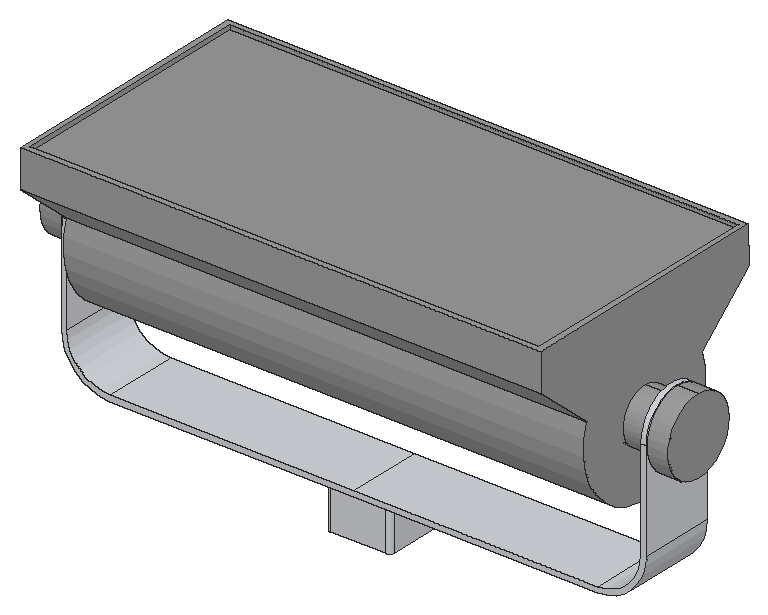
Revit family "Alcon-13126-6-Revit-Family", category Generic Models, host Face, Revit 2025
Family settings
  Host = Face
  Can host rebar = No
  Round Connector Dimension = Use Diameter
  Part Type = Normal
  Cut with Voids When Loaded = No
  Maintain Annotation Orientation = No
  Shared = No
  Room Calculation Point = No
Parameters
  URL = "https://www.alconlighting.com/?srsltid=AfmBOooDPhGQ0dEP-X2PMtxFfvvWpIAEL4jCll_O2F4_to5onvhnBomy"
  Product Page URL = "https://www.alconlighting.com/13126-6.html"
  Model = "13126-6"
  Manufacturer = "ALCON Lighter"
  Fixture Rotation = 90.00°
  Default Elevation = 4' - 0"
Reference planes (in)
  plane 1 "Center (Front/Back)": y = 0
  plane 2: z = 0
  plane 3 "Center (Left/Right)": x = 0
  plane 4: z = 2.21166
Forms (in)
  Extrusion 1, solid
    sketch origin (0, 0.03835, 2.21166) x (1, 0, 0) y (0, 0, -1)
      loop
        line (0, 1.64916) -> (2.8125, 1.64916)
        arc (2.8125, 1.64916) -> (3.16605, 1.50272) -> (3.3125, 1.14916) r 0.5
        line (3.3125, 1.14916) -> (3.3125, -0.50555) -> (3.375, -0.50555) -> (3.375, 1.14824)
        arc (3.375, 1.14824) -> (3.20998, 1.54664) -> (2.81158, 1.71166) r 0.56342
        line (2.81158, 1.71166) -> (0, 1.71166) -> (-2.81158, 1.71166)
        arc (-2.81158, 1.71166) -> (-3.20998, 1.54664) -> (-3.375, 1.14824) r 0.56342
        line (-3.375, 1.14824) -> (-3.375, -0.50546) -> (-3.3125, -0.50546) -> (-3.3125, 1.14916)
        arc (-3.3125, 1.14916) -> (-3.16605, 1.50272) -> (-2.8125, 1.64916) r 0.5
        line (-2.8125, 1.64916) -> (0, 1.64916)
    from -0.47585 to 0.39915
  Extrusion 2, solid
    sketch origin (0, 0, 0.5) x (-1, 0, 0) y (0, 1, 0)
      loop
        arc (-0.375, -0.3125) -> (-0.35669, -0.35669) -> (-0.3125, -0.375) r 0.0625
        line (-0.3125, -0.375) -> (0.3125, -0.375)
        arc (0.3125, -0.375) -> (0.35669, -0.35669) -> (0.375, -0.3125) r 0.0625
        line (0.375, -0.3125) -> (0.375, 0.3125)
        arc (0.375, 0.3125) -> (0.35669, 0.35669) -> (0.3125, 0.375) r 0.0625
        line (0.3125, 0.375) -> (-0.3125, 0.375)
        arc (-0.3125, 0.375) -> (-0.35669, 0.35669) -> (-0.375, 0.3125) r 0.0625
        line (-0.375, 0.3125) -> (-0.375, -0.3125)
    from 0 to 0.5
  Extrusion 3, void
    sketch origin (0, 0, 0) x (0, -1, 0) y (0, 0, 1)
      loop
        arc (-0.4375, 2.21166) -> (0, 2.64916) -> (0.4375, 2.21166) r 0.4375
        line (0.4375, 2.21166) -> (0.4375, 0.3496) -> (0.5625, 0.3496) -> (0.5625, 2.77416) -> (-0.5625, 2.77416) -> (-0.5625, 0.3496) -> (-0.4375, 0.3496) -> (-0.4375, 2.21166)
    from -3.52982 to 3.51919
Cuts and joins
  Extrusion 3 cuts Extrusion 1
Dimensions and locks (in)
  "Fixture Rotation": angle nested 1 to plane 4
  aligned and locked: plane 2 to host face
  aligned and locked: level to host face
Automatic sketch dimensions
  host sketch curve to host sketch curve = 8' - 0"  (x2)
  Extrusion 1 sketch curve to plane 3 "Center (Left/Right)" = 0' - 0"  (x2)
  level to Extrusion 1 sketch curve = 0' - 0 1/2"
  Extrusion 1 sketch curve to plane 3 "Center (Left/Right)" = 0' - 2.81158"
  Extrusion 1 sketch curve to Extrusion 1 sketch curve = 0' - 0.00092"  (x3)
  Extrusion 1 sketch curve to Extrusion 1 sketch curve = 0' - 0 1/2"
  Extrusion 1 sketch curve to Extrusion 1 sketch curve = 0' - 0 1/16"  (x2)
  level to Extrusion 1 sketch curve = 0' - 1.06342"
  plane 3 "Center (Left/Right)" to Extrusion 1 sketch curve = 0' - 2.81158"
  Extrusion 1 sketch curve to plane 4 = 0' - 0.50555"
  Extrusion 1 sketch curve to plane 4 = 0' - 0.50546"
  plane 3 "Center (Left/Right)" to Extrusion 2 sketch curve = 0' - 0 3/8"
  Extrusion 2 sketch curve to Extrusion 2 sketch curve = 0' - 0 1/16"  (x3)
  Extrusion 2 sketch curve to plane 3 "Center (Left/Right)" = 0' - 0 5/16"  (x2)
  Extrusion 2 sketch curve to plane 1 "Center (Front/Back)" = 0' - 0 3/8"
  plane 1 "Center (Front/Back)" to Extrusion 2 sketch curve = 0' - 0 5/16"
  plane 4 to Extrusion 3 sketch curve = 0' - 0"
  Extrusion 3 sketch curve to plane 1 "Center (Front/Back)" = 0' - 0"
  Extrusion 3 sketch curve to plane 1 "Center (Front/Back)" = 0' - 0 7/16"
  Extrusion 3 sketch curve to Extrusion 3 sketch curve = 0' - 0 1/8"
  plane 1 "Center (Front/Back)" to Extrusion 3 sketch curve = 0' - 0 9/16"
  level to Extrusion 3 sketch curve = 0' - 0.3496"  (x2)
  Extrusion 3 sketch curve to plane 4 = 0' - 0 9/16"
Nested families (in)
  nested 1: "Alcon - 13126-6 Box_" at (0, 0, 2.21166) x (0, 0, -1) z (-1, 0, 0), type "Alcon - 13126-6 Box_"
    with built-in parameter 1001306 0.21682 (stored number, unit not read)
Definition of nested family "Alcon - 13126-6 Box_"
  Parameters (values of type "Alcon - 13126-6 Box_")
    Wattage = 9.2903 W
    built-in parameter 1150110 = 1 (stored number, unit not read)
    built-in parameter 1114217 = 1 (stored number, unit not read)
    Tilt Angle = 60.00°
    built-in parameter 1150109 = 1 (stored number, unit not read)
    built-in parameter 1150134 = 3
    built-in parameter 1150113 = 1 (stored number, unit not read)
    built-in parameter 1010507 = 1.5708 (stored number, unit not read)
    built-in parameter 1010506 = 0.5236 (stored number, unit not read)
    built-in parameter 1150105 = 4614.1 (stored number, unit not read)
    Lumens = 1380 lm
    built-in parameter 1150115 = 1 (stored number, unit not read)
    Light Source Symbol Length = 10' - 0"
    built-in parameter 1150137 = (empty or 0)
    built-in parameter 1150139 = (empty or 0)
    built-in parameter 1001306 [instance] = 4' - 0"
    built-in parameter 1150112 = 1 (stored number, unit not read)
    built-in parameter 1150114 = 1 (stored number, unit not read)
    built-in parameter 1150132 = (empty or 0)
    built-in parameter 1150102 = (empty or 0)
    built-in parameter 1150107 = 3200 (stored number, unit not read)
    built-in parameter 1150138 = (empty or 0)
    built-in parameter 1150106 = 46.141 (stored number, unit not read)
    Glass Frosted = none
    built-in parameter 1150104 = 13.8 (stored number, unit not read)
    Dimming Lamp Color Temperature Shift = (empty or 0)
    Default Elevation = 0' - 0"
    Color Filter = 16777215
    Body = none
    built-in parameter 1114218 = 1 (stored number, unit not read)
    built-in parameter 1150133 = 10 (stored number, unit not read)
  Reference planes (in)
    plane 1 "Center (Front/Back)": y = 0
    plane 2: z = 0
    plane 3 "Left": x = 0
    plane 4 "Right": x = 48
  Forms (in)
    Extrusion 1, solid, material <- "Body"
      sketch origin (0, -0.82692, 2.54268) x (0, -1, 0) y (1, 0, 0)
        loop
          line (0.67308, -1.3125) -> (0.67308, -0.875) -> (0, -0.28606)
          arc (0, -0.28606) -> (-0.82692, 0.875) -> (-1.65384, -0.28606) r 0.875
          line (-1.65384, -0.28606) -> (-2.32692, -0.875) -> (-2.32692, -1.3125) -> (0.67308, -1.3125)
      from -5.54268 to 0.45732
    Extrusion 2, void
      sketch origin (0, 0, 0) x (1, 0, 0) y (0, 1, 0)
        loop
          line (-1.375, 1.4375) -> (-1.375, -1.4375) -> (-0.90336, -1.4375) -> (-0.30463, -0.75323) -> (-0.30463, 0.75323) -> (-0.90336, 1.4375) -> (-1.375, 1.4375)
      from -2.9375 to 2.9375
    Extrusion 3, solid, material <- "Glass Frosted"
      sketch origin (0, 0, 0) x (0, 1, 0) y (0, 0, 1)
        loop
          line (1.4375, 2.9375) -> (-1.4375, 2.9375) -> (-1.4375, -2.9375) -> (1.4375, -2.9375) -> (1.4375, 2.9375)
      from -1.26766 to -1.2223
    Extrusion 4, solid, material <- "Body"
      sketch origin (0, 0, 0) x (1, 0, 0) y (0, 1, 0)
        loop
          circle (0, 0) r 0.4375
      from -3.625 to 3.625
    Extrusion 5, void
      sketch origin (0, 0, 0) x (1, 0, 0) y (0, 1, 0)
        loop
          circle (0, 0) r 0.4375
        loop
          circle (0, 0) r 0.3125
      from -3.375 to 3.375
  Cuts and joins
    Extrusion 2 cuts Extrusion 1
    Extrusion 5 cuts Extrusion 4
  Lines and regions (in)
    reference lines
      curve 1: line (0, 0, 0) -> (48, 0, 0)
    model lines
      curve 2: line (0, 0, 0) -> (-13.25, 0, 0)
      curve 3: line (0, 0, 0) -> (-13.25, 0, 0)
  Dimensions and locks (in)
    "built-in parameter 1001306": plane 3 "Left" to plane 4 "Right"
    cut or joined group of Extrusion 1, Extrusion 2 to Extrusion 3 = 0' - 5 15/16"
    aligned and locked: plane 4 "Right" to curve 1
    aligned and locked: plane 1 "Center (Front/Back)" to curve 1
    aligned and locked: plane 3 "Left" to curve 1
    aligned and locked: level to plane 2
  Automatic sketch dimensions
    Extrusion 1 sketch curve to Extrusion 1 sketch curve = 0' - 0.67308"  (x2)
    Extrusion 1 sketch curve to Extrusion 1 sketch curve = 0' - 0.82692"
    Extrusion 1 sketch curve to Extrusion 1 sketch curve = 0' - 0 7/16"
    plane 1 "Center (Front/Back)" to Extrusion 1 sketch curve = 0' - 0"
    Extrusion 1 sketch curve to plane 3 "Left" = 0' - 0"
    Extrusion 1 sketch curve to plane 3 "Left" = 0' - 0.28606"
    plane 1 "Center (Front/Back)" to Extrusion 1 sketch curve = 0' - 0.82692"
    Extrusion 1 sketch curve to plane 3 "Left" = 0' - 0 7/8"  (x2)
    Extrusion 2 sketch curve to plane 3 "Left" = 0' - 0.30463"
    Extrusion 2 sketch curve to plane 3 "Left" = 0' - 0.90336"  (x2)
    Extrusion 2 sketch curve to Extrusion 2 sketch curve = 0' - 0.47164"
    plane 1 "Center (Front/Back)" to Extrusion 2 sketch curve = 0' - 0.75323"
    Extrusion 2 sketch curve to Extrusion 2 sketch curve = 0' - 0.68427"  (x2)
    Extrusion 2 sketch curve to plane 1 "Center (Front/Back)" = 0' - 0.75323"
    Extrusion 3 sketch curve to plane 1 "Center (Front/Back)" = 0' - 1 7/16"
    level to Extrusion 3 sketch curve = 0' - 2 15/16"
    plane 1 "Center (Front/Back)" to Extrusion 3 sketch curve = 0' - 1 7/16"
    Extrusion 3 sketch curve to level = 0' - 2 15/16"
    plane 1 "Center (Front/Back)" to curve 2 = 0' - 0"
    curve 2 to plane 3 "Left" = 0' - 0"
    curve 2 to curve 2 = 1' - 1 1/4"
    plane 1 "Center (Front/Back)" to Extrusion 4 sketch curve = 0' - 0"
    Extrusion 4 sketch curve to plane 3 "Left" = 0' - 0"
    curve 3 to plane 3 "Left" = 0' - 0"
    plane 1 "Center (Front/Back)" to Extrusion 5 sketch curve = 0' - 0"
    Extrusion 5 sketch curve to plane 3 "Left" = 0' - 0"
    Extrusion 5 sketch curve to Extrusion 5 sketch curve = 0' - 0 7/16"
    Extrusion 5 sketch curve to Extrusion 5 sketch curve = 0' - 0"  (x2)
    Extrusion 5 sketch curve to Extrusion 5 sketch curve = 0' - 0 1/8"
    plane 1 "Center (Front/Back)" to curve 3 = 0' - 0"
    curve 3 to curve 2 = 0' - 0"
    radius of Extrusion 4 sketch curve = 0' - 0 7/16"
